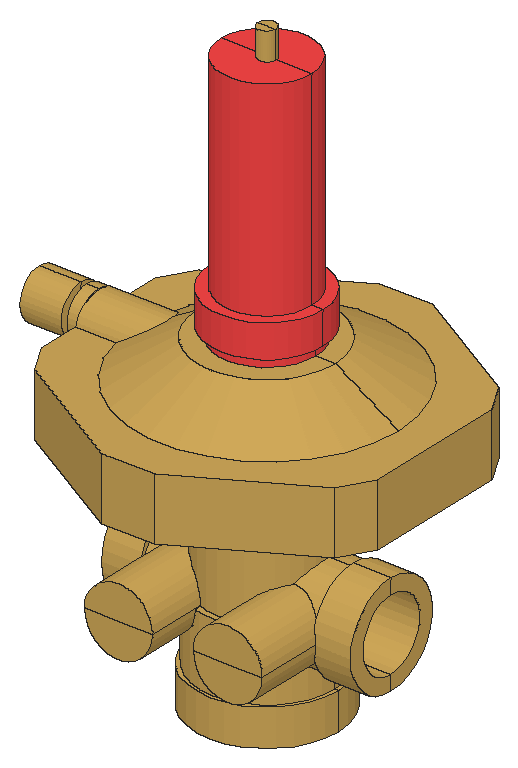
Revit family "Differenzdruckregler 4202 5-30kPa", category Rohrzubehör, Revit 2020
Family settings
  Bemaßung runder Anschluss = Durchmesser verwenden
  Teiletyp = Unterbricht
  OmniClass-Nummer = 23.65.55.14
  OmniClass-Titel = Valves for Liquid Services
  Arbeitsebenenbasiert = Nein
  Immer vertikal = Ja
  Beim Laden mit Abzugskörper schneiden = Nein
  Gemeinsam genutzt = Nein
Parameters (values of type "Ohne Dämmung")
  y2 [instance] = K14 + K9 + H01  # 49.149 mm
  y1 [instance] = (R03 * 2) + R05  # 66.000 mm
  Vorgabe-Ansicht = 0.000 mm
  PN = 25  # constant formula
  Min. Betriebstemperatur (Frostschutz) = -20 °C  # constant formula
  Max. zulässige Betriebstemperatur bis DN32 = 130 °C  # constant formula
  Max. zulässige Betriebstemperatur DN40 - DN50 = 110 °C  # constant formula
  Max. Differenzdruck am Gehäuse = 400000.0 Pa  # constant formula
  Max. Betriebsdruck = 2500000.0 Pa  # constant formula
  Ventilschaft = "Edelstahl 14301"  # constant formula
  URL = "www.herz-armaturen.at"
  SCRNSEQ = "ARM;ARM_TYP=\"DIFR\";2"
  SCRNCODE = "05;03;4"  # constant formula
  S06 [instance] = 1.000 mm  # constant formula
  S05 [instance] = S01 - 1.000 mm  # 16.250 mm
  S04 [instance] = S02 - 1.000 mm  # 18.000 mm
  S03 [instance] = size_lookup("4202 5-30kPa", "S03", 26.500 mm, Nennweite)  # 25.600 mm
  S02 [instance] = size_lookup("4202 5-30kPa", "S02", 19.000 mm, Nennweite)  # 19.000 mm
  S01 [instance] = size_lookup("4202 5-30kPa", "S01", 17.250 mm, Nennweite)  # 17.250 mm
  Regleranschlussmutter = "Messing CW614N"  # constant formula
  Regelbereich = "5 - 30kPa"  # constant formula
  R06 [instance] = size_lookup("4202 5-30kPa", "R06", 14.500 mm, Nennweite)  # 14.500 mm
  R05 [instance] = size_lookup("4202 5-30kPa", "R05", 46.000 mm, Nennweite)  # 46.000 mm
  R04 [instance] = size_lookup("4202 5-30kPa", "R04", 12.500 mm, Nennweite)  # 12.500 mm
  R03 [instance] = size_lookup("4202 5-30kPa", "R03", 10.000 mm, Nennweite)  # 10.000 mm
  R02 = 14.500 mm  # constant formula
  R01 [instance] = size_lookup("4202 5-30kPa", "R01", 12.500 mm, Nennweite)  # 12.500 mm
  Min. Betriebstemperatur (reines Wasser) = 2 °C  # constant formula
  O-Ringe = "EPDM"  # constant formula
  Nennweite [instance] = 15.000 mm
  Membrangehäuse = "Messing CW602N"  # constant formula
  Membrane = "EPDM"  # constant formula
  Medium = "Wasserbeschaffenheit nach ÖNORM H 5195 und VDI 2035\r\nDie Verwendung von Ethylen- und Propylenglykol ist im\r\nMischungsverhältnis 25 - 50 Vol.-% zulässig."
  L2 [instance] = size_lookup("4202 5-30kPa", "L2", 161.000 mm, Nennweite)  # 161.000 mm
  L [instance] = size_lookup("4202 5-30kPa", "L", 66.000 mm, Nennweite)  # 66.000 mm
  K9 = 4.000 mm  # constant formula
  K8 = 55.000 mm  # constant formula
  K7 = 8.700 mm  # constant formula
  K6 = 11.700 mm  # constant formula
  K5 = 13.000 mm  # constant formula
  K4 = 12.000 mm  # constant formula
  K3 = 15.000 mm  # constant formula
  K2 = 2.350 mm  # constant formula
  K18 = 89.000 mm  # constant formula
  K17 = 66.700 mm  # constant formula
  K16 = 3.000 mm  # constant formula
  K15 = 26.649 mm  # constant formula
  K14 = 16.649 mm  # constant formula
  K13 = 16.649 mm  # constant formula
  K12 = 10.000 mm  # constant formula
  K11 = 35.000 mm  # constant formula
  K10 = 18.250 mm  # constant formula
  K1.1 = 2.350 mm  # constant formula
  K1 = 7.651 mm  # constant formula
  J9 = 15.700 mm  # constant formula
  J8 = 7.850 mm  # constant formula
  J7 = 15.897 mm  # constant formula
  J6 = 3.900 mm  # constant formula
  J5 = 6.500 mm  # constant formula
  J4 = 1.500 mm  # constant formula
  J3 = 3.200 mm  # constant formula
  J2 = 11.000 mm  # constant formula
  J11 = 3.500 mm  # constant formula
  J10 = 18.897 mm  # constant formula
  J1 = 6.500 mm  # constant formula
  Hersteller = "HERZ-Armaturen Ges.m.b.H"  # constant formula
  H2 [instance] = size_lookup("4202 5-30kPa", "H2", 28.000 mm, Nennweite)  # 28.000 mm
  H1 [instance] = K1 + K2 + K3 + K4 + K5 + K7 + K8 + K16 + 16.650 mm  # 133.351 mm
  H04 = 4.000 mm  # constant formula
  H03 = 9.800 mm  # constant formula
  H02 [instance] = size_lookup("4202 5-30kPa", "H02", 53.000 mm, Nennweite)  # 53.000 mm
  H01 [instance] = size_lookup("4202 5-30kPa", "H01", 25.000 mm, Nennweite)  # 28.500 mm
  Gehäuse = "DZR Messing CC770S"  # constant formula
  G03 [instance] = size_lookup("4202 5-30kPa", "G03", 13.200 mm, Nennweite)  # 13.200 mm
  G02 [instance] = size_lookup("4202 5-30kPa", "G02", 9.500 mm, Nennweite)  # 9.500 mm
  G01 [instance] = size_lookup("4202 5-30kPa", "G01", 13.500 mm, Nennweite)  # 13.500 mm
  Einstellspindel = "Messing CW614N"  # constant formula
  Hinweise zum Material = "Gemäß Art 33 der REACH-Verordnung (EG Nr. 1907/2006) sind wir verpflichtet, darauf hinzuweisen,\r\ndass der Stoff Blei auf der SVHC-Liste geführt wird und dass alle aus Messing bestehenden Bauteile,\r\ndie in unseren Erzeugnissen verarbeitet sind, mehr als 0,1 % (w/w) Blei (CAS: 7439-92-1 / EINECS:\r\n231-100-4) enthalten. Da Blei als Legierungsbestandteil fest gebunden ist, sind keine Expositionen zu\r\nerwarten und daher sind keine zusätzlichen Angaben zur sicheren Verwendung notwendig.\r\n\r\nIm Hanf enthaltenes Ammoniak schädigt\r\nMessingventilgehäuse, EPDM Dichtungen werden durch\r\nMineralöle bzw. mineralölhaltige Schmierstoffe aufgequollen\r\nund führen somit zum Ausfall der EPDM-Dichtungen. Für\r\nFrost- und Korrosionsschutzmittel auf der Basis von Ethylen- und Propylenglykol sind die entsprechenden\r\nAngaben den Unterlagen des Herstellers zu entnehmen."
  Dämmung = no
  Dämmschale = "EPP (expandiertes Polypropylen)"  # constant formula
  Druckfeder = "Federstahl 14310 NS"  # constant formula
  DN50 [instance] = Nennweite = 50.000 mm  # no
  DN40 [instance] = Nennweite = 40.000 mm  # no
  DN32-40 [instance] = or(Nennweite = 32.000 mm, Nennweite = 40.000 mm)  # no
  DN32 [instance] = Nennweite = 32.000 mm  # no
  DN25,32,40 [instance] = or(Nennweite = 25.000 mm, Nennweite = 32.000 mm, Nennweite = 40.000 mm)  # no
  DN25 [instance] = Nennweite = 25.000 mm  # no
  DN20 [instance] = Nennweite = 20.000 mm  # no
  DN15-25 [instance] = or(Nennweite = 15.000 mm, Nennweite = 20.000 mm, Nennweite = 25.000 mm)  # yes
  DN15,20,50 [instance] = or(Nennweite = 15.000 mm, Nennweite = 20.000 mm, Nennweite = 50.000 mm)  # yes
  DN15 [instance] = Nennweite = 15.000 mm  # yes
  D07 [instance] = if(Nennweite = 15.000 mm, 32.500 mm, if(Nennweite = 20.000 mm, 33.500 mm, if(Nennweite = 25.000 mm, 33.500 mm, if(Nennweite = 32.000 mm, 49.500 mm, if(Nennweite = 40.000 mm, 59.500 mm, if(Nennweite = 50.000 mm, 59.500 mm, 0.000 mm))))))  # 32.500 mm
  D06 [instance] = if(Nennweite = 15.000 mm, 32.500 mm, if(Nennweite = 20.000 mm, 33.500 mm, if(Nennweite = 25.000 mm, 33.500 mm, if(Nennweite = 32.000 mm, 49.500 mm, if(Nennweite = 40.000 mm, 59.500 mm, if(Nennweite = 50.000 mm, 59.500 mm, 0.000 mm))))))  # 32.500 mm
  D05 [instance] = if(Nennweite = 15.000 mm, 36.750 mm, if(Nennweite = 20.000 mm, 40.700 mm, if(Nennweite = 25.000 mm, 49.200 mm, if(Nennweite = 32.000 mm, 54.150 mm, if(Nennweite = 40.000 mm, 60.750 mm, if(Nennweite = 50.000 mm, 72.700 mm, 0.000 mm))))))  # 36.750 mm
  D04 [instance] = if(Nennweite = 15.000 mm, 78.500 mm, if(Nennweite = 20.000 mm, 82.000 mm, if(Nennweite = 25.000 mm, 84.000 mm, if(Nennweite = 32.000 mm, 120.000 mm, if(Nennweite = 40.000 mm, 130.000 mm, if(Nennweite = 50.000 mm, 130.500 mm, 0.000 mm))))))  # 78.500 mm
  D03 [instance] = size_lookup("4202 5-30kPa", "R05", 41.000 mm, Nennweite)  # 46.000 mm
  D02 [instance] = if(Nennweite = 15.000 mm, 96.000 mm, if(Nennweite = 20.000 mm, 110.000 mm, if(Nennweite = 25.000 mm, 112.000 mm, if(Nennweite = 32.000 mm, 152.000 mm, if(Nennweite = 40.000 mm, 170.000 mm, if(Nennweite = 50.000 mm, 179.000 mm, 0.000 mm))))))  # 96.000 mm
  D01 [instance] = size_lookup("4202 5-30kPa", "G01", 13.220 mm, Nennweite)  # 13.500 mm
  Bestellnummer Dämmung [instance] = if(and(Dämmung, Nennweite = 15.000 mm), 1409611, if(and(Dämmung, Nennweite = 20.000 mm), 1409612, if(and(Dämmung, Nennweite = 25.000 mm), 1409613, if(and(Dämmung, Nennweite = 32.000 mm), 1409614, if(and(Dämmung, Nennweite = 40.000 mm), 1409615, if(and(Dämmung, Nennweite = 50.000 mm), 1409616, 0))))))  # 0
  Bestellnummer [instance] = if(Nennweite = 15.000 mm, 1420241, if(Nennweite = 20.000 mm, 1420242, if(Nennweite = 25.000 mm, 1420243, if(Nennweite = 32.000 mm, 1420244, if(Nennweite = 40.000 mm, 1420245, if(Nennweite = 50.000 mm, 1420246, 0))))))  # 1420241
  B2 [instance] = size_lookup("4202 5-30kPa", "B2", 31.000 mm, Nennweite)  # 31.000 mm
  B1 [instance] = size_lookup("4202 5-30kPa", "B1", 26.000 mm, Nennweite)  # 26.000 mm
  B04 = 100.649 mm  # constant formula
  B03 = 44.500 mm  # constant formula
  B02 = 104.688 mm  # constant formula
  B01 = 10.000 mm  # constant formula
  Anzeigehülse = "Kunststoff (Rot)"  # constant formula
  Anwendungsgebiet = "Der Differenzdruckregler ist ein Regler mit linearer Kennlinie in Geradsitzausführung und arbeitet ohne\r\nHilfsenergie. Der gewünschte Differenzdruck-Sollwert kann zwischen 5 und 30 kPa; 25 und 60 kPa bzw.\r\n45 und 80 kPa stufenlos eingestellt werden. Der eingestellte Wert ist mit Hilfe des Einstelldiagrammes\r\nablesbar. Werksseitig ist der Sollwert auf Minimum eingestellt. Der erforderliche Sollwert wird mit dem\r\nEinstellwerkzeug (1 4006 02) eingestellt. Im Lieferumfang enthalten ist die Impulsleitung (1000 mm),\r\ndiese ist im Vorlauf einzubinden."
  Anschlussnippel = "Messing CW602N"  # constant formula
Types (2, lengths in mm): name | y2 | y1 | S05 | S04 | S03 | S02 | S01 | R05 | R04 | R03 | R01 | Nennweite | L2 | L | H2 | H02 | H01 | G03 | G02 | G01 | Dämmung | DN50 | DN15-25 | DN15 | D07 | D06 | D05 | D04 | D03 | D02 | D01 | Bestellnummer Dämmung | Bestellnummer | B2 | B1
  Ohne Dämmung | 49.149 | 66.000 | 16.250 | 18.000 | 25.600 | 19.000 | 17.250 | 46.000 | 12.500 | 10.000 | 12.500 | 15.000 | 161.000 | 66.000 | 28.000 | 53.000 | 28.500 | 13.200 | 9.500 | 13.500 | no | no | yes | yes | 32.500 | 32.500 | 36.750 | 78.500 | 46.000 | 96.000 | 13.500 | 0 | 1420241 | 31.000 | 26.000
  Mit Dämmung | 76.149 | 140.000 | 27.500 | 27.000 | 37.700 | 28.000 | 28.500 | 106.000 | 14.500 | 17.000 | 33.500 | 50.000 | 216.500 | 140.000 | 58.000 | 107.000 | 55.500 | 23.400 | 28.325 | 35.000 | yes | yes | no | no | 59.500 | 59.500 | 72.700 | 130.500 | 106.000 | 179.000 | 35.000 | 1409616 | 1420246 | 41.000 | 41.000
Reference planes
  plane 1 "Mitte (Vorne/hinten)": y = 0
  plane 2: z = 0
  plane 3 "Mitte (Links/rechts)": x = 0
Forms (mm)
  Revolve 1, solid, material "Messing, weicher Gelbton, geschweißt", detail levels fine
    sketch origin (0, 0, 0) x (1, 0, 0) y (0, 0, 1)
      loop
        line (-19.8, 0) -> (19.8, 0) -> (19.8, 9.5) -> (33, 9.5) -> (33, 13.5) -> (23, 13.5) -> (23, 12.5) -> (-23, 12.5) -> (-23, 13.5) -> (-33, 13.5) -> (-33, 9.5) -> (-19.8, 9.5) -> (-19.8, 0)
      axis (-33, 0) -> (33, 0)
    angle from 0 to 360
  Revolve 2, solid, material "Messing, weicher Gelbton, geschweißt", detail levels fine
    sketch origin (0, 0, 0) x (1, 0, 0) y (0, 0, 1)
      loop
        line (0, -28) -> (0, 0) -> (-18, 0) -> (-18, -18.2) -> (-19, -18.2) -> (-19, -28) -> (0, -28)
      axis (0, 0) -> (0, -28)
    angle from 0 to 360
  Extrusion 3, solid, material "Messing, weicher Gelbton, geschweißt", detail levels fine
    sketch origin (0, 0, 0) x (0, -1, 0) y (1, 0, 0)
      loop
        line (-46, -7.038) -> (-27.114, -39.75) -> (-18.886, -44.5) -> (18.886, -44.5) -> (27.114, -39.75) -> (46, -7.038) -> (46, 7.038) -> (27.114, 39.75) -> (18.886, 44.5) -> (-18.886, 44.5) -> (-27.114, 39.75) -> (-46, 7.038) -> (-46, -7.038)
    from 32.5 to 49.149
  Revolve 4, solid, material "Messing, weicher Gelbton, geschweißt", detail levels fine
    sketch origin (0, 0, -7.051) x (1, 0, 0) y (0, 0, 1)
      loop
        line (0, 56.2) -> (0, 66.2) -> (-18.25, 66.2) -> (-35, 56.2) -> (0, 56.2)
      axis (0, 66.2) -> (0, 56.2)
    angle from 0 to 360
  Revolve 5, solid, material "Messing, weicher Gelbton, geschweißt", visible <- "DN15-25", detail levels fine
    sketch origin (-11, 0, 0) x (1, 0, 0) y (0, 1, 0)
      loop
        line (-1.5, 26) -> (-9.2, 26) -> (-9.2, 0) -> (-1.5, 0) -> (-1.5, 26)
      axis (-1.5, 0) -> (-1.5, 26)
    angle from 0 to 360
  Revolve 6, solid, material "Messing, weicher Gelbton, geschweißt", visible <- "DN15,20,50", detail levels fine
    sketch origin (-0.988, 0, -6.853) x (-1, 0, 0) y (0, 0, 1)
      loop
        line (43.5, 55.25) -> (59.2, 55.25) -> (59.2, 61.75) -> (48.2, 61.75) -> (48.2, 59.15) -> (46.7, 59.15) -> (46.7, 61.75) -> (43.5, 61.75) -> (43.5, 55.25)
      axis (43.5, 55.25) -> (59.2, 55.25)
    angle from 0 to 360
  Extrusion 7, solid, material "Messing, weicher Gelbton, geschweißt", visible <- "DN15,20,50", detail levels fine
    sketch origin (0, 0, 0) x (0, 1, 0) y (0, 0, -1)
      loop
        line (7.85, -47.047) -> (7.85, -36) -> (-7.85, -36) -> (-7.85, -47.047)
        arc (-7.85, -47.047) -> (0, -54.897) -> (7.85, -47.047) r 7.85
    from 0 to 44.5
  Revolve 8, solid, material "Kunsstoff rot", detail levels fine
    sketch origin (0, 0, 0) x (1, 0, 0) y (0, 0, 1)
      loop
        line (-12, 125.849) -> (-12, 70.849) -> (-15, 70.849) -> (-15, 62.149) -> (-13, 62.149) -> (-13, 59.149) -> (0, 59.149) -> (0, 125.849) -> (-12, 125.849)
      axis (0, 125.849) -> (0, 59.149)
    angle from 0 to 360
  Revolve 9, solid, material "Messing, weicher Gelbton, geschweißt", visible <- "DN15-25", detail levels fine
    sketch origin (-2, 0, 0) x (1, 0, 0) y (0, 1, 0)
      loop
        line (-12.5, 0) -> (-21.5, 0) -> (-21.5, -31) -> (-12.5, -31) -> (-12.5, 0)
      axis (-12.5, 0) -> (-12.5, -31)
    angle from 0 to 360
  Revolve 10, solid, material "Messing, weicher Gelbton, geschweißt", visible <- "DN15-25", detail levels fine
    sketch origin (2, 0, 0) x (1, 0, 0) y (0, 1, 0)
      loop
        line (12.5, 0) -> (12.5, -31) -> (21.6, -31) -> (21.6, 0) -> (12.5, 0)
      axis (12.5, 0) -> (12.5, -31)
    angle from 0 to 360
  Extrusion 11, solid, material "Messing, weicher Gelbton, geschweißt", visible <- "DN32", detail levels fine
    sketch origin (-31.5, 0, 0) x (1, 0, 0) y (0, 1, 0)
      loop
        circle (63, 0) r 6.578
      loop
        circle (63, 0) r 3.28
    from -47 to 0
  Extrusion 12, solid, material "Messing, weicher Gelbton, geschweißt", visible <- "DN32", detail levels fine
    sketch origin (31.5, 0, 0) x (-1, 0, 0) y (0, -1, 0)
      loop
        circle (63, 0) r 6.578
      loop
        circle (63, 0) r 3.28
    from -47 to 0
  Revolve 13, solid, material "Messing, weicher Gelbton, geschweißt", detail levels fine
    sketch origin (0, 0, 0) x (1, 0, 0) y (0, 0, 1)
      loop
        line (-16.25, 0) -> (0, 0) -> (0, 32.5) -> (-12.25, 32.5) -> (-12.25, 28.5) -> (-17.25, 28.5) -> (-17.25, 18.7) -> (-16.25, 18.7) -> (-16.25, 0)
      axis (0, 32.5) -> (0, 0)
    angle from 0 to 360
  Extrusion 14, solid, material "Messing, weicher Gelbton, geschweißt", visible <- "DN40", detail levels fine
    sketch origin (29.382, 0, 0) x (-1, 0, 0) y (0, -1, 0)
      loop
        circle (63, 0) r 6.578
      loop
        circle (63, 0) r 3.28
    from -58 to 0
  Extrusion 15, solid, material "Messing, weicher Gelbton, geschweißt", visible <- "DN40", detail levels fine
    sketch origin (-29.455, 0, 0) x (1, 0, 0) y (0, 1, 0)
      loop
        circle (63, 0) r 6.578
      loop
        circle (63, 0) r 3.28
    from -58 to 0
  Extrusion 16, solid, material "Messing, weicher Gelbton, geschweißt", visible <- "DN50", detail levels fine
    sketch origin (28.422, 0, 0) x (-1, 0, 0) y (0, -1, 0)
      loop
        circle (63, 0) r 6.578
      loop
        circle (63, 0) r 3.28
    from -58 to 0
  Extrusion 17, solid, material "Messing, weicher Gelbton, geschweißt", visible <- "DN50", detail levels fine
    sketch origin (-28.422, 0, 0) x (1, 0, 0) y (0, 1, 0)
      loop
        circle (63, 0) r 6.578
      loop
        circle (63, 0) r 3.28
    from -58 to 0
  Revolve 18, solid, material "Messing, weicher Gelbton, geschweißt", detail levels fine
    sketch origin (0, 0, 0) x (1, 0, 0) y (0, 0, 1)
      loop
        line (-2.35, 125.349) -> (0, 125.349) -> (0, 133) -> (-2.35, 133) -> (-2.35, 125.349)
      axis (0, 133) -> (0, 125.349)
    angle from 0 to 360
  Revolve 19, solid, material "Messing, weicher Gelbton, geschweißt", visible <- "DN32-40", detail levels fine
    sketch origin (-11, 0, 0) x (1, 0, 0) y (0, 1, 0)
      loop
        line (-1.5, -26) -> (-1.5, 0) -> (-9.2, 0) -> (-9.2, -26) -> (-1.5, -26)
      axis (-1.5, 0) -> (-1.5, -26)
    angle from 0 to 360
  Revolve 20, solid, material "Messing, weicher Gelbton, geschweißt", visible <- "DN25,32,40", detail levels fine
    sketch origin (0.988, 0, 20.147) x (1, 0, 0) y (0, 0, 1)
      loop
        line (43.5, 28.25) -> (59.2, 28.25) -> (59.2, 34.75) -> (48.2, 34.75) -> (48.2, 32.15) -> (46.7, 32.15) -> (46.7, 34.75) -> (43.5, 34.75) -> (43.5, 28.25)
      axis (43.5, 28.25) -> (59.2, 28.25)
    angle from 0 to 360
  Extrusion 21, solid, material "Messing, weicher Gelbton, geschweißt", visible <- "DN25", detail levels fine
    sketch origin (0, 0, 0) x (0, 1, 0) y (0, 0, 1)
      loop
        arc (7.85, 48.047) -> (0, 55.897) -> (-7.85, 48.047) r 7.85
        line (-7.85, 48.047) -> (-7.85, 37) -> (7.85, 37) -> (7.85, 48.047)
    from 0 to 44.5
  Extrusion 22, solid, material "Messing, weicher Gelbton, geschweißt", visible <- "DN32", detail levels fine
    sketch origin (0, 0, 0) x (0, 1, 0) y (0, 0, 1)
      loop
        arc (7.85, 64.047) -> (0, 71.897) -> (-7.85, 64.047) r 7.85
        line (-7.85, 64.047) -> (-7.85, 53) -> (7.85, 53) -> (7.85, 64.047)
    from 0 to 44.5
  Extrusion 23, solid, material "Messing, weicher Gelbton, geschweißt", visible <- "DN40", detail levels fine
    sketch origin (0, 0, 0) x (0, 1, 0) y (0, 0, 1)
      loop
        arc (7.85, 74.047) -> (0, 81.897) -> (-7.85, 74.047) r 7.85
        line (-7.85, 74.047) -> (-7.85, 63) -> (7.85, 63) -> (7.85, 74.047)
    from 0 to 44.5
  Revolve 24, solid, material "Kunststoff-Anthrazit/Schwarz", visible <- "Dämmung"
    sketch origin (0, 0, 0) x (1, 0, 0) y (0, 0, 1)
      loop
        line (0, -46) -> (36.75, -46) -> (36.75, 32.5) -> (0, 32.5) -> (0, -46)
      axis (0, 32.5) -> (0, -46)
    angle from 0 to 360
  Revolve 25, solid, material "Kunststoff-Anthrazit/Schwarz", visible <- "Dämmung"
    sketch origin (0, 0, 0) x (1, 0, 0) y (0, 0, 1)
      loop
        line (0, 32.5) -> (-48, 32.5) -> (-48, 13.5) -> (-23, 13.5) -> (-23, 0) -> (0, 0) -> (23, 0) -> (23, 13.5) -> (48, 13.5) -> (48, 32.5) -> (0, 32.5)
      axis (-48, 0) -> (48, 0)
    angle from 0 to 360
Lines and regions (mm)
  model lines, detail levels coarse+medium
    curve 1: line (33, -13.5, 0) -> (33, 13.5, 0)
    curve 2: line (33, 13.5, 0) -> (-33, -13.5, 0)
    curve 3: line (-33, -13.5, 0) -> (-33, 13.5, 0)
    curve 4: line (-33, 13.5, 0) -> (33, -13.5, 0)
    curve 5: line (0, -18.5, 0) -> (0, -32.5, 0)
    curve 6: spline (-44.5, -40.824, 0) -> (-42.984, -38.67, 0) -> (-38.538, -36.662, 0) -> (-31.466, -34.938, 0) -> (-22.25, -33.615, 0) -> (-11.517, -32.784, 0) -> (0, -32.5, 0) -> (11.517, -32.784, 0) -> (22.25, -33.615, 0) -> (31.466, -34.938, 0) -> (38.538, -36.662, 0) -> (42.984, -38.67, 0) -> (44.5, -40.825, 0) -> (42.984, -42.979, 0) -> (38.538, -44.987, 0) -> (31.466, -46.711, 0) -> (22.25, -48.034, 0) -> (11.517, -48.865, 0) -> (0, -49.149, 0) -> (-11.517, -48.865, 0) -> (-22.25, -48.034, 0) -> (-31.466, -46.711, 0) -> (-38.538, -44.987, 0) -> (-42.984, -42.979, 0) -> (-44.5, -40.824, 0)
    curve 7: line (0, 0, 13.5) -> (0, 0, 32.5)
    curve 8: spline (-44.5, 0, 40.825) -> (-42.984, 0, 42.979) -> (-38.538, 0, 44.987) -> (-31.466, 0, 46.711) -> (-22.25, 0, 48.034) -> (-11.517, 0, 48.865) -> (0, 0, 49.149) -> (11.517, 0, 48.865) -> (22.25, 0, 48.034) -> (31.466, 0, 46.711) -> (38.538, 0, 44.987) -> (42.984, 0, 42.979) -> (44.5, 0, 40.824) -> (42.984, 0, 38.67) -> (38.538, 0, 36.662) -> (31.466, 0, 34.938) -> (22.25, 0, 33.615) -> (11.517, 0, 32.784) -> (0, 0, 32.5) -> (-11.517, 0, 32.784) -> (-22.25, 0, 33.615) -> (-31.466, 0, 34.938) -> (-38.538, 0, 36.662) -> (-42.984, 0, 38.67) -> (-44.5, 0, 40.825)
    curve 9: line (0, 0, 13.5) -> (16.5, 0, 6.75)
    curve 10: line (0, 0, 13.5) -> (-16.5, 0, 6.75)
    curve 11: line (0, -18.5, 0) -> (-6.483, -2.652, 0)
    curve 12: line (0, -18.5, 0) -> (6.483, -2.652, 0)
    curve 13: line (-33, 0, 13.5) -> (33, 0, -13.5)
    curve 14: line (33, 0, -13.5) -> (33, 0, 13.5)
    curve 15: line (33, 0, 13.5) -> (-33, 0, -13.5)
    curve 16: line (-33, 0, -13.5) -> (-33, 0, 13.5)
Dimensions and locks
  "G01": Revolve 1 sketch curve to Revolve 1 sketch curve  (x2)
  "R01": Revolve 1 sketch curve to Revolve 1 sketch curve
  "R03": Revolve 1 sketch curve to Revolve 1 sketch curve  (x2)
  "K10": Revolve 4 sketch curve to Revolve 4 sketch curve
  "K11": Revolve 4 sketch curve to Revolve 4 sketch curve
  "B1": Revolve 5 sketch curve to Revolve 5 sketch curve
  "J1": Revolve 6 sketch curve to Revolve 6 sketch curve
  "J3": Revolve 6 sketch curve to Revolve 6 sketch curve
  "J4": Revolve 6 sketch curve to Revolve 6 sketch curve
  "J2": Revolve 6 sketch curve to Revolve 6 sketch curve
  "J5": Revolve 6 sketch curve to Revolve 6 sketch curve
  "J6": Revolve 6 sketch curve to Revolve 6 sketch curve
  "H2": plane 2 to Revolve 2 sketch curve
  "H03": Revolve 2 sketch curve to Revolve 2 sketch curve
  "S02": plane 3 "Mitte (Links/rechts)" to Revolve 2 sketch curve
  "B02": Revolve 6 to Extrusion 3
  "B03": Extrusion 3 to plane 3 "Mitte (Links/rechts)"
  "R04": Revolve 5 sketch curve to plane 3 "Mitte (Links/rechts)"
  "K4": Revolve 8 sketch curve to Revolve 8 sketch curve
  "K3": Revolve 8 sketch curve to Revolve 8 sketch curve
  "K7": Revolve 8 sketch curve to Revolve 8 sketch curve
  "K5": Revolve 8 sketch curve to Revolve 8 sketch curve
  "K8": Revolve 8 sketch curve to Revolve 8 sketch curve
  "K12": Revolve 4 sketch curve to Revolve 4 sketch curve
  "K13": Revolve 4 sketch curve to Extrusion 3
  "K14": Extrusion 3 to Extrusion 3
  "K16": Revolve 8 sketch curve to Revolve 8 sketch curve
  "K15": Revolve 8 to Extrusion 3
  "R05": Revolve 1 sketch curve to Revolve 1 sketch curve
  equal spacing: Revolve 1 sketch curve, plane 3 "Mitte (Links/rechts)", Revolve 1 sketch curve
  "B2": plane 1 "Mitte (Vorne/hinten)" to Revolve 9 sketch curve
  "B2": Revolve 10 sketch curve to plane 1 "Mitte (Vorne/hinten)"
  "R06": Revolve 9 sketch curve to plane 3 "Mitte (Links/rechts)"
  "R06": plane 3 "Mitte (Links/rechts)" to Revolve 10 sketch curve
  "S01": Revolve 13 sketch curve to plane 3 "Mitte (Links/rechts)"
  "S05": plane 3 "Mitte (Links/rechts)" to Revolve 13 sketch curve
  "H04": Revolve 13 sketch curve to Revolve 13 sketch curve
  "H03": Revolve 13 sketch curve to Revolve 13 sketch curve
  "H01": Revolve 13 sketch curve to plane 2
  "K9": Extrusion 3 to Revolve 13
  "S06": Revolve 2 sketch curve to Revolve 2 sketch curve
  "J7": Revolve 6 sketch curve to Extrusion 3
  "J9": Extrusion 7 sketch curve to Extrusion 7 sketch curve
  "J10": Revolve 6 to Extrusion 7 sketch curve
  "J11": Extrusion 7 sketch curve to Extrusion 3
  "K18": Extrusion 3 to Extrusion 3
  "K18": curve 8 to curve 8
  "G01": curve 10 to plane 2
  "K14": curve 8 to curve 8
  "y2": curve 8 to plane 2
  "G01": plane 1 "Mitte (Vorne/hinten)" to curve 4
  "G01": curve 3 to plane 1 "Mitte (Vorne/hinten)"
  equal spacing: curve 3, curve 8, curve 1
  equal spacing: curve 3, curve 12, curve 1
  "y1": curve 3 to curve 1
  "G01": plane 1 "Mitte (Vorne/hinten)" to curve 2
  "G01": curve 4 to plane 1 "Mitte (Vorne/hinten)"
  "K18": curve 6 to curve 6
  "K14": curve 6 to curve 6
  "y2": curve 6 to plane 1 "Mitte (Vorne/hinten)"
  "K1.1": plane 3 "Mitte (Links/rechts)" to Revolve 18 sketch curve
  "B1": Revolve 19 sketch curve to Revolve 19 sketch curve
  "R04": Revolve 19 sketch curve to plane 3 "Mitte (Links/rechts)"
  "G02": Revolve 1 sketch curve to plane 2  (x2)
  "G03": Revolve 1 sketch curve to Revolve 1 sketch curve  (x2)
  Revolve 1 sketch curve to Revolve 1 sketch curve = 66.000 mm
  "L2": Revolve 18 to Revolve 2
  "J1": Revolve 20 sketch curve to Revolve 20 sketch curve
  "J3": Revolve 20 sketch curve to Revolve 20 sketch curve
  "J4": Revolve 20 sketch curve to Revolve 20 sketch curve
  "J2": Revolve 20 sketch curve to Revolve 20 sketch curve
  "J5": Revolve 20 sketch curve to Revolve 20 sketch curve
  "J6": Revolve 20 sketch curve to Revolve 20 sketch curve
  "J7": Revolve 20 sketch curve to Extrusion 3
  "J9": Extrusion 21 sketch curve to Extrusion 21 sketch curve
  "J9": Extrusion 22 sketch curve to Extrusion 22 sketch curve
  "J9": Extrusion 23 sketch curve to Extrusion 23 sketch curve
  equal spacing: curve 10, plane 3 "Mitte (Links/rechts)", curve 9
  "L": curve 14 to curve 16
  equal spacing: curve 14, curve 6, curve 16
  equal spacing: curve 14, curve 9, curve 10, curve 10, curve 16
  "G01": curve 16 to plane 2
  "G01": plane 2 to curve 16
  "G01": curve 15 to plane 2
  "G01": plane 2 to curve 14
  "D07": Revolve 25 sketch curve to plane 2
  "D01": Revolve 25 sketch curve to plane 2  (x2)
  "D03": Revolve 25 sketch curve to Revolve 25 sketch curve
  "D02": Revolve 25 sketch curve to Revolve 25 sketch curve
  equal spacing: Revolve 25 sketch curve, plane 3 "Mitte (Links/rechts)", Revolve 25 sketch curve  (x2)
  "D06": Revolve 24 sketch curve to plane 2
  "D05": Revolve 24 sketch curve to Revolve 24 sketch curve
  "D04": Revolve 24 sketch curve to Revolve 24 sketch curve
  "J8": radius of Extrusion 7 sketch curve
  "J8": radius of Extrusion 21 sketch curve
  "J8": radius of Extrusion 22 sketch curve
  "J8": radius of Extrusion 23 sketch curve
  aligned and locked: level to plane 2
Automatic sketch dimensions
  plane 3 "Mitte (Links/rechts)" to Extrusion 3 sketch curve = 7.038 mm  (x2)
  Extrusion 3 sketch curve to plane 1 "Mitte (Vorne/hinten)" = 46.000 mm
  Extrusion 3 sketch curve to plane 1 "Mitte (Vorne/hinten)" = 27.114 mm  (x2)
  Extrusion 3 sketch curve to Extrusion 3 sketch curve = 8.227 mm  (x4)
  plane 1 "Mitte (Vorne/hinten)" to Extrusion 3 sketch curve = 18.886 mm  (x2)
  Extrusion 3 sketch curve to Extrusion 3 sketch curve = 18.886 mm
  Extrusion 3 sketch curve to plane 3 "Mitte (Links/rechts)" = 7.038 mm  (x2)
  Extrusion 3 sketch curve to Extrusion 3 sketch curve = 32.712 mm  (x4)
  Extrusion 3 sketch curve to Extrusion 3 sketch curve = 4.750 mm  (x2)
  Extrusion 11 sketch curve to Extrusion 11 sketch curve = 0.000 mm  (x2)
  plane 1 "Mitte (Vorne/hinten)" to Extrusion 11 sketch curve = 0.000 mm
  plane 3 "Mitte (Links/rechts)" to Extrusion 11 sketch curve = 31.500 mm
  Extrusion 12 sketch curve to Extrusion 12 sketch curve = 0.000 mm  (x2)
  plane 1 "Mitte (Vorne/hinten)" to Extrusion 12 sketch curve = 0.000 mm
  plane 3 "Mitte (Links/rechts)" to Extrusion 12 sketch curve = 31.500 mm
  Extrusion 14 sketch curve to Extrusion 14 sketch curve = 0.000 mm  (x2)
  plane 1 "Mitte (Vorne/hinten)" to Extrusion 14 sketch curve = 0.000 mm
  plane 3 "Mitte (Links/rechts)" to Extrusion 14 sketch curve = 33.618 mm
  Extrusion 15 sketch curve to Extrusion 15 sketch curve = 0.000 mm  (x2)
  plane 1 "Mitte (Vorne/hinten)" to Extrusion 15 sketch curve = 0.000 mm
  plane 3 "Mitte (Links/rechts)" to Extrusion 15 sketch curve = 33.545 mm
  Extrusion 16 sketch curve to Extrusion 16 sketch curve = 0.000 mm  (x2)
  plane 1 "Mitte (Vorne/hinten)" to Extrusion 16 sketch curve = 0.000 mm
  plane 3 "Mitte (Links/rechts)" to Extrusion 16 sketch curve = 34.578 mm
  Extrusion 17 sketch curve to Extrusion 17 sketch curve = 0.000 mm  (x2)
  plane 1 "Mitte (Vorne/hinten)" to Extrusion 17 sketch curve = 0.000 mm
  plane 3 "Mitte (Links/rechts)" to Extrusion 17 sketch curve = 34.578 mm
  curve 8 to plane 3 "Mitte (Links/rechts)" = 0.000 mm
  curve 11 to plane 3 "Mitte (Links/rechts)" = 0.000 mm
  curve 6 to plane 3 "Mitte (Links/rechts)" = 0.000 mm
  curve 5 to curve 12 = 14.000 mm
  Revolve 1 sketch curve to level = 0.000 mm  (x2)
  Revolve 1 sketch curve to Revolve 1 sketch curve = 1473.530 mm
  Revolve 1 sketch curve to Revolve 1 sketch curve = 1806.148 mm
  Revolve 2 sketch curve to level = 0.000 mm
  Revolve 2 sketch curve to plane 3 "Mitte (Links/rechts)" = 0.000 mm  (x2)
  Revolve 2 sketch curve to Revolve 2 sketch curve = 1.000 mm
  Revolve 2 sketch curve to Revolve 2 sketch curve = 334.045 mm
  level to Revolve 2 sketch curve = 2218.015 mm
  Revolve 4 sketch curve to plane 3 "Mitte (Links/rechts)" = 0.000 mm  (x2)
  Revolve 4 sketch curve to level = 373.096 mm
  Revolve 4 sketch curve to Revolve 4 sketch curve = 2155.315 mm
  plane 1 "Mitte (Vorne/hinten)" to Revolve 5 sketch curve = 0.000 mm  (x2)
  Revolve 5 sketch curve to Revolve 5 sketch curve = 0.000 mm  (x2)
  Revolve 5 sketch curve to Revolve 5 sketch curve = 7.700 mm
  plane 3 "Mitte (Links/rechts)" to Revolve 6 sketch curve = 44.488 mm
  Revolve 6 sketch curve to Revolve 6 sketch curve = 0.000 mm  (x3)
  Extrusion 7 sketch curve to plane 1 "Mitte (Vorne/hinten)" = 0.000 mm
  Extrusion 7 sketch curve to Extrusion 7 sketch curve = 11.047 mm
  Extrusion 7 sketch curve to Extrusion 7 sketch curve = 0.000 mm
  Revolve 8 sketch curve to plane 3 "Mitte (Links/rechts)" = 0.000 mm  (x2)
  level to Revolve 8 sketch curve = 59.149 mm
  Revolve 8 sketch curve to Revolve 8 sketch curve = 0.000 mm  (x2)
  plane 1 "Mitte (Vorne/hinten)" to Revolve 9 sketch curve = 0.000 mm  (x2)
  Revolve 9 sketch curve to Revolve 9 sketch curve = 9.000 mm
  Revolve 9 sketch curve to Revolve 9 sketch curve = 0.000 mm  (x2)
  plane 1 "Mitte (Vorne/hinten)" to Revolve 10 sketch curve = 0.000 mm  (x2)
  Revolve 10 sketch curve to Revolve 10 sketch curve = 9.100 mm
  Revolve 10 sketch curve to Revolve 10 sketch curve = 0.000 mm  (x2)
  Revolve 13 sketch curve to level = 0.000 mm  (x2)
  Revolve 13 sketch curve to plane 3 "Mitte (Links/rechts)" = 0.000 mm  (x2)
  Revolve 13 sketch curve to Revolve 13 sketch curve = 5.000 mm
  Revolve 13 sketch curve to Revolve 13 sketch curve = 0.000 mm
  Revolve 18 sketch curve to plane 3 "Mitte (Links/rechts)" = 0.000 mm  (x2)
  level to Revolve 18 sketch curve = 125.349 mm
  Revolve 18 sketch curve to Revolve 18 sketch curve = 7.651 mm
  Revolve 18 sketch curve to Revolve 18 sketch curve = 0.000 mm  (x2)
  plane 1 "Mitte (Vorne/hinten)" to Revolve 19 sketch curve = 0.000 mm  (x2)
  Revolve 19 sketch curve to Revolve 19 sketch curve = 7.700 mm
  Revolve 19 sketch curve to Revolve 19 sketch curve = 0.000 mm  (x2)
  plane 3 "Mitte (Links/rechts)" to Revolve 20 sketch curve = 44.488 mm
  Revolve 20 sketch curve to Revolve 20 sketch curve = 0.000 mm  (x3)
  Extrusion 21 sketch curve to plane 1 "Mitte (Vorne/hinten)" = 0.000 mm
  level to Extrusion 21 sketch curve = 37.000 mm
  Extrusion 21 sketch curve to Extrusion 21 sketch curve = 11.047 mm
  Extrusion 21 sketch curve to Extrusion 21 sketch curve = 0.000 mm
  Extrusion 22 sketch curve to plane 1 "Mitte (Vorne/hinten)" = 0.000 mm
  level to Extrusion 22 sketch curve = 53.000 mm
  Extrusion 22 sketch curve to Extrusion 22 sketch curve = 11.047 mm
  Extrusion 22 sketch curve to Extrusion 22 sketch curve = 0.000 mm
  Extrusion 23 sketch curve to plane 1 "Mitte (Vorne/hinten)" = 0.000 mm
  level to Extrusion 23 sketch curve = 63.000 mm
  Extrusion 23 sketch curve to Extrusion 23 sketch curve = 11.047 mm
  Extrusion 23 sketch curve to Extrusion 23 sketch curve = 0.000 mm
  Revolve 24 sketch curve to plane 3 "Mitte (Links/rechts)" = 0.000 mm  (x2)
  Revolve 24 sketch curve to Revolve 24 sketch curve = 19.575 mm
  Revolve 24 sketch curve to Revolve 24 sketch curve = 9.344 mm
  Revolve 25 sketch curve to level = 0.000 mm  (x2)
  Revolve 25 sketch curve to plane 3 "Mitte (Links/rechts)" = 0.000 mm  (x2)
  Revolve 25 sketch curve to Revolve 25 sketch curve = 0.000 mm  (x2)
  radius of Extrusion 11 sketch curve = 6.578 mm
  radius of Extrusion 11 sketch curve = 3.280 mm
  radius of Extrusion 12 sketch curve = 6.578 mm
  radius of Extrusion 12 sketch curve = 3.280 mm
  radius of Extrusion 14 sketch curve = 6.578 mm
  radius of Extrusion 14 sketch curve = 3.280 mm
  radius of Extrusion 15 sketch curve = 6.578 mm
  radius of Extrusion 15 sketch curve = 3.280 mm
  radius of Extrusion 16 sketch curve = 6.578 mm
  radius of Extrusion 16 sketch curve = 3.280 mm
  radius of Extrusion 17 sketch curve = 6.578 mm
  radius of Extrusion 17 sketch curve = 3.280 mm
Nested families
  nested 1: "Herz-Logo-vorne" at (-0.018, 17.815, -12.904) x (0, -1, 0) z (0, 0, 1), type "Herz-Logo-vorne", detail levels fine
  nested 2: "Herz-Logo-vorne" at (-0.018, 24.058, 0) x (0, -1, 0) z (0, 0, 1), visible <- "DN32", type "Herz-Logo-vorne", detail levels fine
  nested 3: "Herz-Logo-vorne" at (-0.018, 33.471, 0) x (0, -1, 0) z (0, 0, 1), visible <- "DN50", type "Herz-Logo-vorne", detail levels fine
  nested 4: "Herz-Logo-vorne" at (-0.018, 26.482, 0) x (0, -1, 0) z (0, 0, 1), visible <- "DN40", type "Herz-Logo-vorne", detail levels fine
Connectors
  piping at (33, 0, 0), diameter 15, driven by "Nennweite"
    settings: on Revolve 1, index 1, connector inside diameter 609.6 mm, connector length 0.000 mm, flow factor 0, pipe flow 0.0 L/s, pressure drop 0.0 Pa, fitting loss kfactor 0, connector angle 0.00°, fixture units 0, engagement length 0.000 mm, angle of deflection 0.00°, flow configuration 0, flow direction 2, fitting loss method 0, system type 29, joint type 0, gender type 0, connector reference index -1, connector utility 0, adjustable connector no, is connector primary yes, connector description ""
  piping at (-33, 0, 0), diameter 15, driven by "Nennweite"
    settings: on Revolve 1, index 2, connector inside diameter 609.6 mm, connector length 0.000 mm, flow factor 0, pipe flow 0.0 L/s, pressure drop 0.0 Pa, fitting loss kfactor 0, connector angle 0.00°, fixture units 0, engagement length 0.000 mm, angle of deflection 0.00°, flow configuration 0, flow direction 1, fitting loss method 0, system type 7, joint type 0, gender type 0, connector reference index -1, connector utility 0, adjustable connector no, is connector primary no, connector description ""
Definition of nested family "Herz-Logo-vorne"
  Parameters (values of type "Herz-Logo-vorne")
    Default Elevation = 0.000 mm
  Reference planes
    plane 1 "Mitte (Vorne/hinten)": y = 0
    plane 2: z = 0
    plane 3 "Mitte (Links/rechts)": x = 0
  Forms (mm)
    Extrusion 1, solid
      sketch origin (0.732, -0.018, 0.017) x (0, -1, 0) y (0, 0, 1)
        loop
          line (-0.018, -4.517) -> (4.482, -4.517) -> (4.482, 4.483) -> (-4.518, 4.483) -> (-4.518, -4.517) -> (-0.018, -4.517)
        loop
          line (-0.05, -3.48) -> (3.482, -3.48) -> (3.482, 3.483) -> (-3.518, 3.483) -> (-3.518, -3.48) -> (-0.05, -3.48)
        loop
          arc (-0.018, 2.383) -> (-1.543, 3.287) -> (-3.067, 2.383) r 1.738
          arc (-3.067, 2.383) -> (-3.191, 1.899) -> (-3.067, 1.415) r 1.009
          line (-3.067, 1.415) -> (-0.018, -3.281) -> (3.032, 1.415)
          arc (3.032, 1.415) -> (3.156, 1.899) -> (3.032, 2.383) r 1.009
          arc (3.032, 2.383) -> (1.507, 3.287) -> (-0.018, 2.383) r 1.738
        loop
          arc (1.885, 1.272) -> (2.005, 1.675) -> (1.885, 2.079) r 0.74
          arc (1.885, 2.079) -> (1.265, 2.416) -> (0.644, 2.079) r 0.74
          line (0.644, 2.079) -> (-0.018, 0.97) -> (-0.679, 2.079)
          arc (-0.679, 2.079) -> (-1.3, 2.416) -> (-1.921, 2.079) r 0.74
          arc (-1.921, 2.079) -> (-2.04, 1.675) -> (-1.921, 1.272) r 0.74
          line (-1.921, 1.272) -> (-0.018, -1.658) -> (1.885, 1.272)
      from 0 to 1.5
  Dimensions and locks
    aligned and locked: level to plane 2
